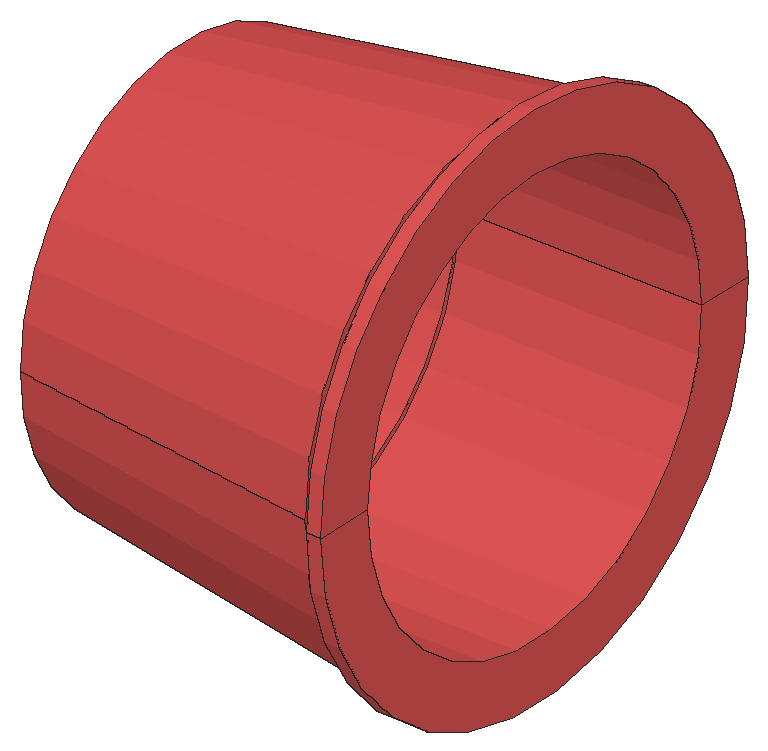
Revit family "FoFo_Junta_JGS", category Pipe Fittings, Revit 2025
Family settings
  Round Connector Dimension = Use Radius
  Part Type = Tee
  OmniClass Number = 23.60.30.11.14
  OmniClass Title = Pipework Fittings
  Work Plane-Based = Yes
  Always vertical = No
  Cut with Voids When Loaded = No
  Shared = Yes
Parameters (values of type "DN_0150")
  Manufacturer = ""
  Loss Method = K Coefficient from Table
  K Coefficient Table = "Tee"
  Description = ""
  Default Elevation = 1219.2 mm
  Bolsa_Borde3 = Bolsa_Borde1 * 1.1  # 6.6 mm
  Bolsa_Borde1 = 6.0 mm
  Bolsa_RI = Bolsa_DI / 2  # 86.5 mm
  Bolsa_RE = Bolsa_DE / 2  # 85.0 mm
  Bolsa_RB = Bolsa_B / 2  # 110.4 mm
  Bolsa_Borde2 = Bolsa_Borde1 * 2  # 12.0 mm
  Bolsa_P = 100.5 mm
  Bolsa_E2 = Bolsa_E * 0.5  # 2.116 mm
  Bolsa_E = 4.232 mm
  Bolsa_DI = 173.0 mm
  Bolsa_DE = 170.0 mm
  Bolsa_B = 220.8 mm
Types (4, lengths in mm): name | Manufacturer | Description | Bolsa_Borde3 | Bolsa_Borde1 | Bolsa_RI | Bolsa_RE | Bolsa_RB | Bolsa_Borde2 | Bolsa_P | Bolsa_E2 | Bolsa_E | Bolsa_DI | Bolsa_DE | Bolsa_B
  DN_0100 | "" | "" | 7.7 | 7.0 | 50.5 | 47.5 | 72.05 | 14.0 | 92.5 | 3.0 | 6.0 | 101.0 | 95.0 | 144.1
  DN_0080 | "" | "" | 7.7 | 7.0 | 50.5 | 47.5 | 72.05 | 14.0 | 92.5 | 3.0 | 6.0 | 101.0 | 95.0 | 144.1
  DN_0150 | "" | "" | 6.6 | 6.0 | 86.5 | 85.0 | 110.4 | 12.0 | 100.5 | 2.116 | 4.232 | 173.0 | 170.0 | 220.8
  DN_1200 | "SGC" | "Bolsas JGS - JTI - JTE" | 5.5 | 5.0 | 629.0 | 627.5 | 706.0 | 10.0 | 105.5 | 3.0 | 6.0 | 1258.0 | 1255.0 | 1412.0
Reference planes
  plane 1 "EixoP": y = 0
  plane 2: z = 0
  plane 3 "EixoS": x = 2618.25
  plane 4: x = 2718.75
Forms (mm)
  Revolve 1, solid, material "FOFO Integral"
    sketch origin (-3000, 0, 0) x (1, 0, 0) y (0, 1, 0)
      loop
        arc (5706.75, 103.8) -> (5640.028, 97.251) -> (5574.115, 85) r 780.578
        line (5574.115, 85) -> (5618.25, 85) -> (5618.25, 86.5) -> (5718.75, 86.5) -> (5718.75, 110.4) -> (5712.75, 110.4) -> (5706.75, 103.8)
      axis (5574.115, 0) -> (5718.75, 0)
    angle from 0 to 360
Lines and regions (mm)
  model lines, detail levels coarse
    curve 1: line (2618.25, 0, 0) -> (2648.25, 0, 0)
    curve 2: arc (2698.25, 50, 0) -> (2648.25, 0, 0) -> (2698.25, -50, 0) r 50
Dimensions and locks
  "Bolsa_Borde1": Revolve 1 sketch curve to Revolve 1 sketch curve
  "Bolsa_Borde2": Revolve 1 sketch curve to Revolve 1 sketch curve
  "Bolsa_Borde3": Revolve 1 sketch curve to Revolve 1 sketch curve
  "Bolsa_P": plane 3 "EixoS" to Revolve 1 sketch curve
  "Bolsa_P": plane 4 to plane 3 "EixoS"
  "Bolsa_RI": plane 1 "EixoP" to Revolve 1 sketch curve
  "Bolsa_RE": Revolve 1 sketch curve to plane 1 "EixoP"
  "Bolsa_RB": plane 1 "EixoP" to Revolve 1 sketch curve
  aligned and locked: Revolve 1 sketch curve to plane 1 "EixoP"
Automatic sketch dimensions
  curve 1 to plane 1 "EixoP" = 0.0 mm
  curve 1 to plane 3 "EixoS" = 0.0 mm
  plane 1 "EixoP" to curve 2 = 0.0 mm
  plane 3 "EixoS" to curve 2 = 80.0 mm
  Revolve 1 sketch curve to plane 3 "EixoS" = 0.0 mm  (x2)
  Revolve 1 sketch curve to Revolve 1 sketch curve = 44.135 mm
  plane 4 to Revolve 1 sketch curve = 30.824 mm
  plane 4 to Revolve 1 sketch curve = 9.153 mm
  plane 3 "EixoS" to curve 1 = 30.0 mm
